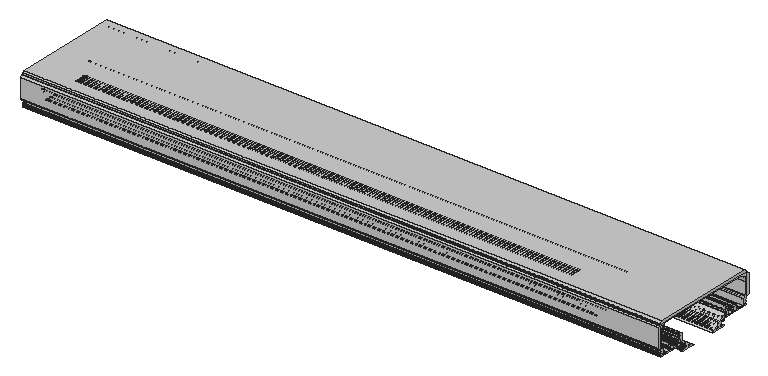
Revit family "ALS-H09", category Electrical Fixtures, host Ceiling, Revit 2018 (continued)
Definition of nested family "ALSH09-BUS"
  Automatic sketch dimensions
    Extrusion 1 sketch curve to Extrusion 1 sketch curve = 0' - 0.06753"
    Extrusion 1 sketch curve to Extrusion 1 sketch curve = 0' - 0.05777"
    Extrusion 1 sketch curve to Extrusion 1 sketch curve = 0' - 0.18179"  (x2)
    Extrusion 1 sketch curve to Extrusion 1 sketch curve = 0' - 1.35489"
    Extrusion 1 sketch curve to Extrusion 1 sketch curve = 0' - 1.29108"
    Extrusion 1 sketch curve to Extrusion 1 sketch curve = 0' - 0.00975"
    Extrusion 1 sketch curve to Extrusion 1 sketch curve = 0' - 0.065"  (x4)
    Extrusion 1 sketch curve to Extrusion 1 sketch curve = 0' - 0.05459"  (x2)
    Extrusion 1 sketch curve to Extrusion 1 sketch curve = 0' - 0.01993"  (x4)
    Extrusion 1 sketch curve to Extrusion 1 sketch curve = 0' - 0.03498"  (x2)
    Extrusion 1 sketch curve to Extrusion 1 sketch curve = 0' - 0.10859"
    Extrusion 1 sketch curve to Extrusion 1 sketch curve = 0' - 0.09251"
    Extrusion 1 sketch curve to Extrusion 1 sketch curve = 0' - 0.035"  (x2)
    Extrusion 1 sketch curve to Extrusion 1 sketch curve = 0' - 0.02995"
    Extrusion 1 sketch curve to Extrusion 1 sketch curve = 0' - 0.02994"  (x2)
    Extrusion 1 sketch curve to Extrusion 1 sketch curve = 0' - 0.06502"  (x2)
    Extrusion 1 sketch curve to Extrusion 1 sketch curve = 0' - 0.01608"
    Extrusion 1 sketch curve to Extrusion 1 sketch curve = 0' - 0.13"
    Extrusion 1 sketch curve to Extrusion 1 sketch curve = 0' - 0.12006"
    Extrusion 1 sketch curve to Extrusion 1 sketch curve = 0' - 0.05439"  (x2)
    Extrusion 1 sketch curve to Extrusion 1 sketch curve = 0' - 0.0199"
    Extrusion 1 sketch curve to Extrusion 1 sketch curve = 0' - 0.08001"  (x4)
    Extrusion 1 sketch curve to Extrusion 1 sketch curve = 0' - 0.02982"  (x2)
    Extrusion 1 sketch curve to Extrusion 1 sketch curve = 0' - 0.00994"  (x2)
    Extrusion 1 sketch curve to Extrusion 1 sketch curve = 0' - 0.01"  (x5)
    Extrusion 1 sketch curve to Extrusion 1 sketch curve = 0' - 0.14508"  (x2)
    Extrusion 1 sketch curve to Extrusion 1 sketch curve = 0' - 0.03165"  (x2)
    Extrusion 1 sketch curve to Extrusion 1 sketch curve = 0' - 0.00684"  (x2)
    Extrusion 1 sketch curve to Extrusion 1 sketch curve = 0' - 0.433"  (x2)
    Extrusion 1 sketch curve to Extrusion 1 sketch curve = 0' - 0.10642"  (x2)
    Extrusion 1 sketch curve to Extrusion 1 sketch curve = 0' - 0.00376"  (x2)
    Extrusion 1 sketch curve to Extrusion 1 sketch curve = 0' - 0.04009"  (x2)
    Extrusion 1 sketch curve to Extrusion 1 sketch curve = 0' - 0.00009"  (x2)
    Extrusion 1 sketch curve to Extrusion 1 sketch curve = 0' - 0.05497"  (x2)
    Extrusion 1 sketch curve to Extrusion 1 sketch curve = 0' - 0.03991"  (x2)
    Extrusion 1 sketch curve to Extrusion 1 sketch curve = 0' - 0.10009"  (x2)
    Extrusion 1 sketch curve to Extrusion 1 sketch curve = 0' - 0.05205"  (x2)
    Extrusion 1 sketch curve to Extrusion 1 sketch curve = 0' - 0.01813"
    Extrusion 1 sketch curve to Extrusion 1 sketch curve = 0' - 0.03298"  (x2)
    Extrusion 1 sketch curve to Extrusion 1 sketch curve = 0' - 0.033"  (x2)
    Extrusion 1 sketch curve to Extrusion 1 sketch curve = 0' - 0.083"
    Extrusion 1 sketch curve to Extrusion 1 sketch curve = 0' - 0.00813"
    Extrusion 1 sketch curve to Extrusion 1 sketch curve = 0' - 0.312"  (x2)
    Extrusion 1 sketch curve to Extrusion 1 sketch curve = 0' - 0.03999"  (x2)
    Extrusion 1 sketch curve to Extrusion 1 sketch curve = 0' - 0.15188"  (x2)
    Extrusion 1 sketch curve to Extrusion 1 sketch curve = 0' - 0.228"  (x2)
    Extrusion 1 sketch curve to Extrusion 1 sketch curve = 0' - 0.07383"  (x3)
    Extrusion 1 sketch curve to Extrusion 1 sketch curve = 0' - 0.15013"  (x2)
    Extrusion 1 sketch curve to Extrusion 1 sketch curve = 0' - 0.03993"  (x2)
    Extrusion 1 sketch curve to Extrusion 1 sketch curve = 0' - 0.03994"  (x2)
    Extrusion 1 sketch curve to Extrusion 1 sketch curve = 0' - 0.07998"  (x2)
    Extrusion 1 sketch curve to Extrusion 1 sketch curve = 0' - 0.12001"  (x2)
    Extrusion 1 sketch curve to Extrusion 1 sketch curve = 0' - 0 1/8"
    Extrusion 1 sketch curve to Extrusion 1 sketch curve = 0' - 0.20804"  (x2)
    Extrusion 1 sketch curve to Extrusion 1 sketch curve = 0' - 0.15748"  (x2)
    Extrusion 1 sketch curve to Extrusion 1 sketch curve = 0' - 0.27195"  (x2)
    Extrusion 1 sketch curve to Extrusion 1 sketch curve = 0' - 0.05996"  (x2)
    Extrusion 1 sketch curve to Extrusion 1 sketch curve = 0' - 0.00347"  (x2)
    Extrusion 1 sketch curve to Extrusion 1 sketch curve = 0' - 0.01914"  (x3)
    Extrusion 1 sketch curve to Extrusion 1 sketch curve = 0' - 0.01532"  (x3)
    Extrusion 2 sketch curve to plane 1 "Center (Front/Back)" = 1' - 0 1/16"
    Extrusion 2 sketch curve to Extrusion 2 sketch curve = 0' - 0.051"  (x2)
    Extrusion 2 sketch curve to Extrusion 2 sketch curve = 0' - 0.199"  (x2)
    Extrusion 2 sketch curve to Extrusion 2 sketch curve = 0' - 0.3535"  (x4)
    level to Extrusion 2 sketch curve = 0' - 3.1255"  (x2)
    Extrusion 2 sketch curve to Extrusion 2 sketch curve = 0' - 0.0635"
    Extrusion 2 sketch curve to Extrusion 2 sketch curve = 0' - 0 3/8"  (x2)
    Extrusion 2 sketch curve to Extrusion 2 sketch curve = 0' - 4.5405"
    level to Extrusion 2 sketch curve = 0' - 3.189"
    plane 1 "Center (Front/Back)" to Extrusion 2 sketch curve = 1' - 0 1/16"
    Extrusion 2 sketch curve to Extrusion 2 sketch curve = 0' - 0.05"
    Extrusion 2 sketch curve to Extrusion 2 sketch curve = 0' - 0.2215"
    Extrusion 2 sketch curve to Extrusion 2 sketch curve = 0' - 2.7495"
    Extrusion 2 sketch curve to Extrusion 2 sketch curve = 0' - 1 7/16"
    Extrusion 2 sketch curve to Extrusion 2 sketch curve = 0' - 0.2715"
    plane 1 "Center (Front/Back)" to Extrusion 3 sketch curve = 1' - 0.0003"
    Extrusion 3 sketch curve to Extrusion 3 sketch curve = 0' - 0.0003"
    Extrusion 3 sketch curve to Extrusion 3 sketch curve = 0' - 0.0013"
    Extrusion 3 sketch curve to Extrusion 3 sketch curve = 0' - 0.01997"
    Extrusion 3 sketch curve to Extrusion 3 sketch curve = 0' - 0.24835"
    Extrusion 3 sketch curve to Extrusion 3 sketch curve = 0' - 0.00053"
    Extrusion 3 sketch curve to Extrusion 3 sketch curve = 0' - 0.00004"
    Extrusion 3 sketch curve to Extrusion 3 sketch curve = 0' - 0.0207"
    Extrusion 3 sketch curve to Extrusion 3 sketch curve = 0' - 1 3/4"
    Extrusion 3 sketch curve to plane 1 "Center (Front/Back)" = 0' - 10 1/4"
    Extrusion 3 sketch curve to Extrusion 3 sketch curve = 0' - 0"  (x6)
    Extrusion 3 sketch curve to Extrusion 3 sketch curve = 0' - 1.47997"
    Extrusion 3 sketch curve to Extrusion 3 sketch curve = 0' - 0.02028"
    Extrusion 3 sketch curve to Extrusion 3 sketch curve = 0' - 0.0208"
    Extrusion 3 sketch curve to Extrusion 3 sketch curve = 0' - 0.0202"
    Extrusion 3 sketch curve to Extrusion 3 sketch curve = 0' - 0.0635"
    level to Extrusion 3 sketch curve = 0' - 6 1/4"
    Extrusion 3 sketch curve to Extrusion 3 sketch curve = 0' - 0.07441"
    Extrusion 3 sketch curve to Extrusion 3 sketch curve = 0' - 0.00007"
    Extrusion 3 sketch curve to Extrusion 3 sketch curve = 0' - 0.00013"
    Extrusion 3 sketch curve to Extrusion 3 sketch curve = 0' - 0.08527"
    Extrusion 3 sketch curve to Extrusion 3 sketch curve = 0' - 0.08574"
    Extrusion 3 sketch curve to Extrusion 3 sketch curve = 0' - 0.00055"
    Extrusion 3 sketch curve to Extrusion 3 sketch curve = 0' - 0.06037"
    Extrusion 3 sketch curve to Extrusion 3 sketch curve = 0' - 0.00103"
    Extrusion 3 sketch curve to Extrusion 3 sketch curve = 0' - 0.00769"
    Extrusion 3 sketch curve to Extrusion 3 sketch curve = 0' - 0.06733"
    level to Extrusion 3 sketch curve = 0' - 2.96548"
    Extrusion 3 sketch curve to Extrusion 3 sketch curve = 0' - 0 1/16"
    level to Extrusion 3 sketch curve = 0' - 3.1865"
    Extrusion 3 sketch curve to Extrusion 3 sketch curve = 0' - 0.24875"
    Extrusion 4 sketch curve to plane 1 "Center (Front/Back)" = 0' - 10 1/4"
    Extrusion 4 sketch curve to Extrusion 4 sketch curve = 0' - 1 13/16"  (x2)
    level to Extrusion 4 sketch curve = 0' - 6 1/4"
    Extrusion 4 sketch curve to Extrusion 4 sketch curve = 0' - 0"  (x4)
    plane 1 "Center (Front/Back)" to Extrusion 4 sketch curve = 0' - 10.25103"
    Extrusion 4 sketch curve to Extrusion 4 sketch curve = 0' - 1.67936"
    level to Extrusion 4 sketch curve = 0' - 6.25769"
    Extrusion 4 sketch curve to Extrusion 4 sketch curve = 0' - 1.80481"
    Extrusion 4 sketch curve to Extrusion 4 sketch curve = 0' - 0.00183"
    level to Extrusion 5 sketch curve = 0' - 8 1/16"
    Extrusion 5 sketch curve to Extrusion 5 sketch curve = 0' - 0.2715"  (x2)
    Extrusion 5 sketch curve to Extrusion 5 sketch curve = 0' - 0.3535"  (x4)
    plane 1 "Center (Front/Back)" to Extrusion 5 sketch curve = 0' - 11 11/16"
    Extrusion 5 sketch curve to plane 1 "Center (Front/Back)" = 0' - 11 11/16"
Types (5): name | MATERIAL
  ALS-H09_12 FEET-CP | CP-CUSTOM FINISH
  ALS-H09_12 FEET-MB-BLACK | MB-BLACK
  ALS-H09_12 FEET-NT BRUSHED ALUMINIUM | NT ALUMINIUM
  ALS-H09_12 FEET-P WHITE | P WHITE
  ALS-H09_12 FEET-UF | UF-UNFINISHED MILL
